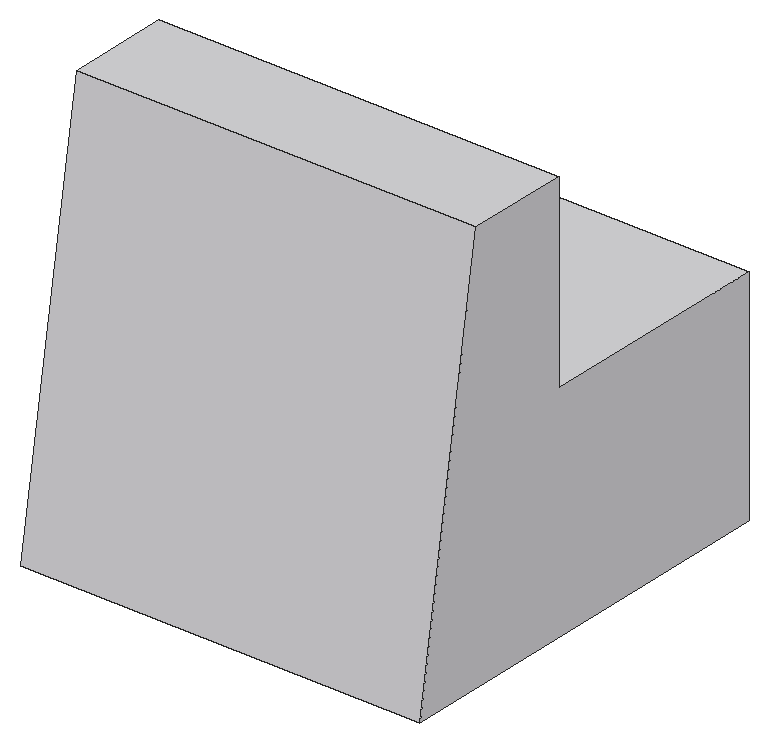
Revit family "v-584h4_60Hz", category 機械設備, Revit 2019
Family settings
  丸型コネクタ寸法 = 直径を使用
  パーツ タイプ = 標準
  OmniClass 番号 = 23.75.35.17.27
  OmniClass タイトル = Centrifugal Fans
  作業面ベース = いいえ
  常に垂直 = はい
  ロード時にボイドで切り取り = いいえ
  共有 = いいえ
  部屋計算ポイント = いいえ
Parameters (values of type "V-584H4")
  騒音レベル(dB(A)) = 46
  風量 = 670.0 m³/h
  電源種別 [instance] = ""
  電圧 = 100 V
  電動機出力 = 0 W
  電動機_種別 = ""
  集中コントローラ = ""
  運転質量 = 0.00 kg
  連動 [instance] = ""
  質量 = if(製品質量 > 運転質量, 製品質量, 運転質量) * 1.2  # 24.00 kg
  負荷分類 = 3_ファン類
  説明 = "レンジフードファン 深形 58cm幅タイプ(取替対応)"
  設計風量 = 0.0 m³/h
  設置方法 = "天吊"
  記号 [instance] = ""
  製造元 = "三菱電機株式会社"
  製品質量 = 20.00 kg
  製品出荷対象 = "国内"
  製品リリース年月 = "2022年6月1日"
  製品グループ = ""
  系統 [instance] = ""
  符号 = if(☑給気／□排気, "FS", "FE")  # "FE"
  積算_科目 = "2 換気設備"
  積算_拾い区分 [instance] = ""
  相 = 1
  盤記号 [instance] = ""
  発停方法 [instance] = ""
  特殊仕様 [instance] = ""
  火災停止 [instance] = ""
  消費電力 = 153 W
  法定耐用年数 = "15"
  機外静圧_排気 = 210.0 Pa
  機外静圧 = 0.0 Pa
  極数 = 2
  材質 [instance] = ""
  操作・制御方式 = ""
  操作・制御スイッチ = ""
  排気量 = 0.0 m³/h
  形式 = "片吸込形"
  幹線記号 [instance] = ""
  対象室 [instance] = ""
  実風量 = 0.0 m³/h
  始動方式 [instance] = "直入"
  天吊用穴_D_後・上配管 = 255 mm
  天吊用穴_D_右・左配管 = 290 mm
  天吊用穴_ピッチ = 480 mm
  外気量 = 0.0 m³/h
  呼称 = "遠心送風機"
  周波数 = 60 Hz
  参照している仕様書等のバージョン = ""
  分類コード = "50052503100060"
  分類グループ = ""
  価格 = 0
  企業コード = "108420"
  付属品_フィルター_還気 = ""
  付属品_フィルター = ""
  付属品 [instance] = ""
  仕様書バージョン = "Version1.0"
  モデル = "V-584H4"
  マテリアル = 鋼板(シルバー)
  ファンの種類 = ""
  ダクト径 = 150 mm
  コメント [instance] = ""
  Keynote = ""
  Assembly Code = ""
  ☑給気／□排気 = no
  Width = 580 mm
  W1 = Width / 2  # 290 mm
  Version = ""
  Uniclass2015Version = "Systems v1.9"
  Uniclass2015Title = "Centrifugal fans"
  Uniclass2015Code = "Pr_65_67_29_12"
  URL = "https://www.mitsubishielectric.co.jp/ldg/wink/ssl/displayProduct.do?pid=320887"
  SpecificationReference = ""
  SpecificationDescription = ""
  Revision = ""
  ProductInformation = ""
  OmniClassCode = "23-33 31 19 13 15"
  MIN風量 = 320.0 m³/h
  MIN静圧 = 0.0 Pa
  MID風量 = 0.0 m³/h
  MID静圧 = 0.0 Pa
  MAX風量 = 670.0 m³/h
  MAX静圧 = 0.0 Pa
  IfcTypeProduct = ""
  IfcProduct = ""
  IfcExportType = "CENTRIFUGALFORWARDCURVED"
  IfcExportAs = "IfcFanType"
  Height = 325 mm
  H1 = 600 mm
  EAサイズ_D = 148 mm
  Duct_Height = 56 mm
  Duct_D = 150 mm
  Depth = 597 mm
  D2 = 345 mm
  D1 = 495 mm
  Clearance Top = 0 mm
  Clearance Right = 0 mm
  Clearance Left = 0 mm
  Clearance Front = 0 mm
  Clearance Bottom = 0 mm
  Clearance Back = 0 mm
  Author = "三菱電機株式会社"
Reference planes
  plane 1 "中心(正面/背面)": y = 0
  plane 2: z = 0
  plane 3 "中心(左/右)": x = 0
  plane 4: x = -290
  plane 5: x = 290
  plane 6: y = -597
  plane 7: z = -325
  plane 8: z = -271
  plane 9: z = 56
  plane 10: y = -298.5
  plane 11: y = -495
  plane 12: y = -150
  plane 13: x = -240
  plane 14: x = 240
  plane 15: y = -255
  plane 16: y = -290
  plane 17: x = -145
  plane 18: x = 145
  plane 19: y = -345
  plane 20: z = 275
Forms (mm)
  Extrusion 1, solid, material "鋼板(シルバー)" <- "マテリアル"
    sketch origin (0, 0, 0) x (1, 0, 0) y (0, 1, 0)
      loop
        line (-290, 0) -> (-290, -345) -> (290, -345) -> (290, 0) -> (-290, 0)
    from -325 to 0
  Extrusion 2, solid, material "鋼板(シルバー)" <- "マテリアル", detail levels fine
    sketch origin (0, 0, 0) x (1, 0, 0) y (0, 1, 0)
      loop
        circle (0, -150) r 74
    from 0 to 56
  Blend 3, solid, material "鋼板(シルバー)" <- "マテリアル"
    base sketch origin (0, 0, 0) x (1, 0, 0) y (0, 1, 0)
      loop
        line (-290, -597) -> (290, -597) -> (290, -345) -> (-290, -345) -> (-290, -597)
    top sketch origin (0, 0, 0) x (1, 0, 0) y (0, 1, 0)
      loop
        line (-290, -345) -> (-290, -495) -> (290, -495) -> (290, -345) -> (-290, -345)
    from -325 to 275
Cuts and joins
  joined: Extrusion 1, Blend 3
Lines and regions (mm)
  Masking region 1, detail levels coarse+medium
    outline origin (1326.5, 29, 0) x (1, 0, 0) y (0, 1, 0)
      loop
        line (-1616.5, -29) -> (-1616.5, -626) -> (-1036.5, -626) -> (-1036.5, -29) -> (-1616.5, -29)
  symbolic lines, detail levels coarse+medium
    curve 1: circle (-145, -298.5, 0) r 145 normal (0, 0, 1)
    curve 2: circle (145, -298.5, 0) r 145 normal (0, 0, 1)
Dimensions and locks
  equal spacing: plane 4, plane 3 "中心(左/右)", plane 5
  "Width": plane 4 to plane 5
  equal spacing: plane 6, plane 10, plane 1 "中心(正面/背面)"
  "Depth": plane 1 "中心(正面/背面)" to plane 6
  "D1": plane 1 "中心(正面/背面)" to plane 11
  "Duct_D": plane 1 "中心(正面/背面)" to plane 12
  "Height": level to plane 7
  "Duct_Height": plane 9 to level
  "天吊用穴_ピッチ": plane 13 to plane 14
  equal spacing: plane 13, plane 3 "中心(左/右)", plane 14
  "天吊用穴_D_後・上配管": plane 1 "中心(正面/背面)" to plane 15
  "天吊用穴_D_右・左配管": plane 1 "中心(正面/背面)" to plane 16
  equal spacing: plane 4, plane 17, plane 3 "中心(左/右)"
  equal spacing: plane 3 "中心(左/右)", plane 18, plane 5
  "D2": plane 1 "中心(正面/背面)" to plane 19
  "H1": plane 20 to plane 7
  "EAサイズ_D": diameter of Extrusion 2 sketch curve
  "W1": diameter of curve 1
  "W1": diameter of curve 2
  aligned and locked: level to plane 2
  aligned and locked: Masking region 1 to plane 4
  aligned and locked: plane 5 to Masking region 1
  aligned and locked: Masking region 1 to plane 6
  aligned and locked: Masking region 1 to plane 1 "中心(正面/背面)"
  aligned and locked: plane 1 "中心(正面/背面)" to Extrusion 1 sketch curve
  aligned and locked: plane 4 to Extrusion 1 sketch curve
  aligned and locked: Extrusion 1 sketch curve to plane 5
  aligned and locked: Extrusion 1 to plane 7
  aligned and locked: level to Extrusion 1
  aligned and locked: plane 9 to Extrusion 2
  aligned and locked: Extrusion 2 to level
  aligned and locked: nested 1 to plane 16
  aligned and locked: plane 15 to nested 1
  aligned and locked: plane 13 to nested 1
  aligned and locked: plane 14 to nested 1
  aligned and locked: Blend 3 sketch curve to plane 4
  aligned and locked: plane 5 to Blend 3 sketch curve
  aligned and locked: Blend 3 sketch curve to plane 6
  aligned and locked: Blend 3 sketch curve to plane 19
  aligned and locked: plane 4 to Blend 3 sketch curve
  aligned and locked: Blend 3 sketch curve to plane 5
  aligned and locked: plane 11 to Blend 3 sketch curve
  aligned and locked: Blend 3 sketch curve to var sketch
  aligned and locked: Blend 3 to plane 7
  aligned and locked: plane 20 to Blend 3
  aligned and locked: plane 19 to Extrusion 1 sketch curve
Automatic sketch dimensions
  Masking region 1 sketch curve to plane 4 = 0 mm
  Masking region 1 sketch curve to plane 5 = 0 mm
  Masking region 1 sketch curve to plane 6 = 0 mm
  plane 1 "中心(正面/背面)" to Masking region 1 sketch curve = 0 mm
  Extrusion 2 sketch curve to plane 3 "中心(左/右)" = 0 mm
  Extrusion 2 sketch curve to plane 12 = 0 mm
  curve 1 to plane 10 = 0 mm
  curve 1 to plane 17 = 0 mm
  curve 2 to plane 10 = 0 mm
  curve 2 to plane 18 = 0 mm
Nested families
  nested 1: "固定点" at (-240, -290, 0), type "固定点"
    with W 480 mm, D 35 mm
Connectors
  hvac at (0, -150, 56), driven by "ダクト径", driven by "機外静圧", driven by "風量"
    settings: on Extrusion 2, index 1, duct flow 670.0 m³/h, flow factor 0, pres drop 0.0 Pa, loss coef 0, conn angle 0.00°, conn width 304.8 mm, conn height 304.8 mm, conn diameter 150 mm, duct sys type 3, conn prof type 0, flow config 0, flow direction 2, loss method 4, conn ref index -1, conn util no, is conn primary yes, conn desc ""
  electrical at (0, -172.5, 0), driven by "極数", driven by "負荷分類", driven by "電圧", driven by "消費電力"
    settings: on cut or joined group of Extrusion 1, Blend 3, index 2, voltage 100 V, apparent load 153 VA, apparent load phase1 0 VA, apparent load phase2 0 VA, apparent load phase3 0 VA, power factor 1, load classification "3_ファン類", number of poles 2, system type 30, power factor state 1, is connector primary yes, connector utility no, sub classification motor no, connector description ""
Definition of nested family "固定点"
  Parameters (values of type "固定点")
    中心円 = 20 mm
    W [instance] = 1000 mm
    D [instance] = 1000 mm
  Reference planes
    plane 1 "中心(正面/背面)": y = 0
    plane 2: z = 0
    plane 3 "中心(左/右)": x = 0
    plane 4: x = 1000
    plane 5: y = 1000
  Lines and regions (mm)
    symbolic lines, detail levels fine
      curve 1: circle (0, 1000, 0) r 10 normal (0, 0, 1)
      curve 2: circle (0, 0, 0) r 10 normal (0, 0, 1)
      curve 3: circle (1000, 1000, 0) r 10 normal (0, 0, 1)
      curve 4: circle (1000, 0, 0) r 10 normal (0, 0, 1)
      curve 5: line (-200, 1000, 0) -> (1200, 1000, 0)
      curve 6: line (-200, 0, 0) -> (1200, 0, 0)
      curve 7: line (0, 1200, 0) -> (0, -200, 0)
      curve 8: line (1000, 1200, 0) -> (1000, -200, 0)
  Dimensions and locks
    "W": plane 3 "中心(左/右)" to plane 4
    "D": plane 1 "中心(正面/背面)" to plane 5
    "中心円": diameter of curve 1
    "中心円": diameter of curve 2
    "中心円": diameter of curve 3
    "中心円": diameter of curve 4
    aligned and locked: level to plane 2
    aligned and locked: plane 5 to curve 1
    aligned and locked: plane 3 "中心(左/右)" to curve 1
    aligned and locked: plane 3 "中心(左/右)" to curve 2
    aligned and locked: plane 1 "中心(正面/背面)" to curve 2
    aligned and locked: plane 4 to curve 3
    aligned and locked: plane 5 to curve 3
    aligned and locked: plane 1 "中心(正面/背面)" to curve 4
    aligned and locked: plane 4 to curve 4
    aligned and locked: plane 1 "中心(正面/背面)" to curve 6
    aligned and locked: curve 7 to plane 3 "中心(左/右)"
    aligned and locked: curve 8 to plane 4
  Automatic sketch dimensions
    curve 5 to plane 5 = 0 mm
    curve 6 to plane 3 "中心(左/右)" = 200 mm
    curve 5 to plane 3 "中心(左/右)" = 200 mm
    curve 4 to curve 6 = 200 mm
    curve 3 to curve 5 = 200 mm
    plane 1 "中心(正面/背面)" to curve 8 = 200 mm
    plane 1 "中心(正面/背面)" to curve 7 = 200 mm
    curve 3 to curve 8 = 200 mm
    curve 1 to curve 7 = 200 mm
